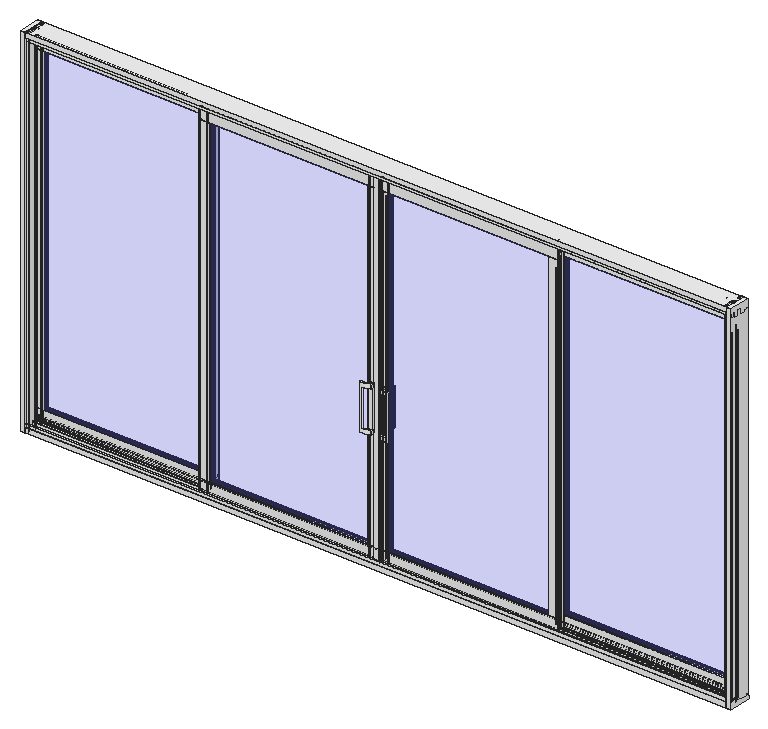
Revit family "Patio-Door_Victorian_OXYO-Double-Glaze-rev3_Novatech", category Doors, host Wall, Revit 2026 (continued)
Definition of nested family "NOVATECH VICTORIAN_OXYO DOUBLE GLAZE REV3_SASH_X_RIGHT"
  Definition of nested family "NOVATECH_650_3 LIGHT_OXO_SASH_O_LEFT"
    Forms (in)
      Extrusion 1, solid, material <- "Frame Material"
        sketch origin (0, 0, 0) x (1, 0, 0) y (0, 1, 0)
          loop
            arc (-2.01563, 0.6975) -> (-1.99821, 0.72757) -> (-1.9675, 0.7113) r 0.02505
            line (-1.9675, 0.7113) -> (-1.9675, 0.53368)
            arc (-1.9675, 0.53368) -> (-1.99659, 0.51487) -> (-2.0175, 0.5425) r 0.02545
            arc (-2.0175, 0.5425) -> (-2.0425, 0.5605) -> (-2.0675, 0.5425) r 0.02636
            line (-2.0675, 0.5425) -> (-2.0675, 0.075)
            arc (-2.0675, 0.075) -> (-2.04553, 0.02197) -> (-1.9925, 0) r 0.075
            line (-1.9925, 0) -> (-1.4375, 0)
            arc (-1.4375, 0) -> (-1.41858, 0.0325) -> (-1.4375, 0.065) r 0.03738
            line (-1.4375, 0.065) -> (-1.545, 0.065)
            arc (-1.545, 0.065) -> (-1.56328, 0.095) -> (-1.545, 0.125) r 0.03375
            line (-1.545, 0.125) -> (-0.08, 0.125)
            arc (-0.08, 0.125) -> (-0.062, 0.095) -> (-0.08, 0.065) r 0.034
            line (-0.08, 0.065) -> (-0.1875, 0.065)
            arc (-0.1875, 0.065) -> (-0.20856, 0.0325) -> (-0.1875, 0) r 0.03561
        from 6 to 97.94531
    Dimensions and locks (in)
      "Length": plane 4 to plane 2
      aligned and locked: plane 4 to Extrusion 1
      aligned and locked: Extrusion 1 to plane 2
      aligned and locked: Extrusion 1 to plane 4
    Automatic sketch dimensions
      Extrusion 1 sketch curve to Extrusion 1 sketch curve = 0"  (x13)
      plane 1 "Center (Front/Back)" to Extrusion 1 sketch curve = 0"  (x2)
      Extrusion 1 sketch curve to plane 3 "Center (Left/Right)" = 2.1963"
      Extrusion 1 sketch curve to plane 1 "Center (Front/Back)" = 0.075"
      Extrusion 1 sketch curve to Extrusion 1 sketch curve = 0.1288"
      Extrusion 1 sketch curve to Extrusion 1 sketch curve = 0.025"  (x2)
      Extrusion 1 sketch curve to Extrusion 1 sketch curve = 0.17356"
      Extrusion 1 sketch curve to Extrusion 1 sketch curve = 0.00228"
      Extrusion 1 sketch curve to Extrusion 1 sketch curve = 0.04989"
      Extrusion 1 sketch curve to Extrusion 1 sketch curve = 0.01499"
      Extrusion 1 sketch curve to Extrusion 1 sketch curve = 0.05033"
      Extrusion 1 sketch curve to Extrusion 1 sketch curve = 0.05119"
      Extrusion 1 sketch curve to Extrusion 1 sketch curve = 0.02467"
      Extrusion 1 sketch curve to Extrusion 1 sketch curve = 0.065"  (x3)
      Extrusion 1 sketch curve to Extrusion 1 sketch curve = 0.32761"
      Extrusion 1 sketch curve to Extrusion 1 sketch curve = 0.03"  (x3)
      Extrusion 1 sketch curve to plane 1 "Center (Front/Back)" = 0.065"  (x2)
      Extrusion 1 sketch curve to Extrusion 1 sketch curve = 0.4475"
      Extrusion 1 sketch curve to Extrusion 1 sketch curve = 0.01547"
      Extrusion 1 sketch curve to Extrusion 1 sketch curve = 0.13217"
      Extrusion 1 sketch curve to Extrusion 1 sketch curve = 0.08904"
      Extrusion 1 sketch curve to Extrusion 1 sketch curve = 0.01846"  (x2)
      Extrusion 1 sketch curve to Extrusion 1 sketch curve = 0.1625"  (x2)
      Extrusion 1 sketch curve to Extrusion 1 sketch curve = 0.07"  (x3)
      Extrusion 1 sketch curve to Extrusion 1 sketch curve = 1.1"
      Extrusion 1 sketch curve to Extrusion 1 sketch curve = 1 1/4"
      Extrusion 1 sketch curve to Extrusion 1 sketch curve = 0.01455"
      Extrusion 1 sketch curve to Extrusion 1 sketch curve = 0.09149"
      Extrusion 1 sketch curve to Extrusion 1 sketch curve = 0.01601"  (x2)
      Extrusion 1 sketch curve to Extrusion 1 sketch curve = 0.005"
      Extrusion 1 sketch curve to Extrusion 1 sketch curve = 0.45868"
      Extrusion 1 sketch curve to Extrusion 1 sketch curve = 0.00045"
      Extrusion 1 sketch curve to Extrusion 1 sketch curve = 0.00626"
      Extrusion 1 sketch curve to Extrusion 1 sketch curve = 0.00837"
      Extrusion 1 sketch curve to Extrusion 1 sketch curve = 0.15209"
      Extrusion 1 sketch curve to Extrusion 1 sketch curve = 0.0089"
      Extrusion 1 sketch curve to Extrusion 1 sketch curve = 1/128"
      Extrusion 1 sketch curve to Extrusion 1 sketch curve = 0.01808"
      Extrusion 1 sketch curve to Extrusion 1 sketch curve = 0.07733"
      Extrusion 1 sketch curve to Extrusion 1 sketch curve = 0.15371"
      Extrusion 1 sketch curve to Extrusion 1 sketch curve = 0.16941"
      Extrusion 1 sketch curve to Extrusion 1 sketch curve = 0.03248"
      Extrusion 1 sketch curve to Extrusion 1 sketch curve = 0.00062"
      Extrusion 1 sketch curve to Extrusion 1 sketch curve = 0.285"  (x2)
      Extrusion 1 sketch curve to Extrusion 1 sketch curve = 0.21"  (x2)
      Extrusion 1 sketch curve to Extrusion 1 sketch curve = 0.035"  (x2)
      Extrusion 1 sketch curve to Extrusion 1 sketch curve = 0.29903"
      Extrusion 1 sketch curve to Extrusion 1 sketch curve = 0.17245"
      Extrusion 1 sketch curve to Extrusion 1 sketch curve = 0.05549"
      Extrusion 1 sketch curve to Extrusion 1 sketch curve = 0.23466"
Types (9): name | Width Sash X | Width Sash O | Model_Sash to Reference Line | Rough Width | Rough Height | Height Sash X | Height Sash O | Height | Width
  117 1/8"W X 79 1/2"H | 29 9/16" | 29 9/16" | 28.62305" | 117 5/8" | 80" | 75 3/4" | 75 3/4" | 79 1/2" | 117 1/8"
  117 1/8"W X 81 1/2"H | 29 9/16" | 29 9/16" | 28.62305" | 117 5/8" | 82" | 77 3/4" | 77 3/4" | 81 1/2" | 117 1/8"
  117 1/8"W X 95 1/2"H | 29 9/16" | 29 9/16" | 28.62305" | 117 5/8" | 96" | 91 3/4" | 91 3/4" | 95 1/2" | 117 1/8"
  141 1/8"W X 79 1/2"H | 35 9/16" | 35 9/16" | 34.62305" | 141 5/8" | 80" | 75 3/4" | 75 3/4" | 79 1/2" | 141 1/8"
  141 1/8"W X 95 1/2"H | 35 9/16" | 35 9/16" | 34.62305" | 141 5/8" | 96" | 91 3/4" | 91 3/4" | 95 1/2" | 141 1/8"
  189 1/8"W X 79 1/2"H | 47 9/16" | 47 9/16" | 46.62305" | 189 5/8" | 80" | 75 3/4" | 75 3/4" | 79 1/2" | 189 1/8"
  189 1/8"W X 81 1/2"H | 47 9/16" | 47 9/16" | 46.62305" | 189 5/8" | 82" | 77 3/4" | 77 3/4" | 81 1/2" | 189 1/8"
  189 1/8"W X 95 1/2"H | 47 9/16" | 47 9/16" | 46.62305" | 189 5/8" | 96" | 91 3/4" | 91 3/4" | 95 1/2" | 189 1/8"
  141 1/8"W X 81 1/2"H | 35 9/16" | 35 9/16" | 34.62305" | 141 5/8" | 82" | 77 3/4" | 77 3/4" | 81 1/2" | 141 1/8"
